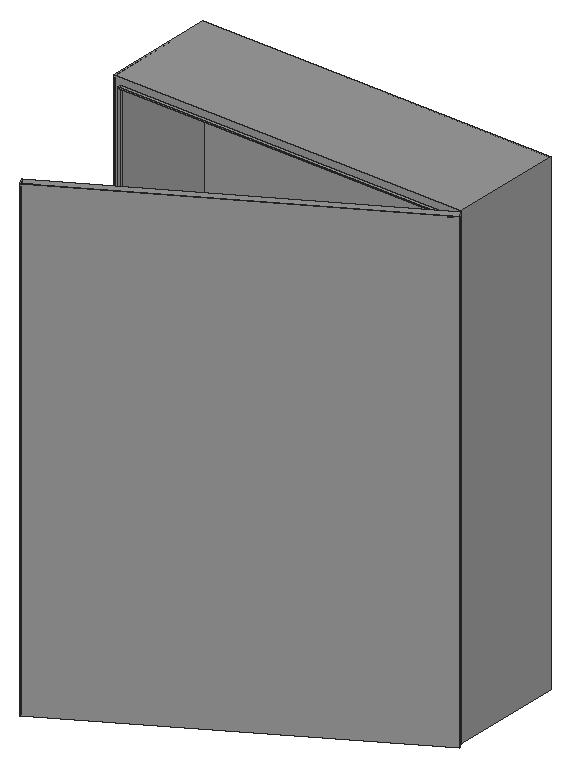
Revit family "Hager-Univers-IP55-D275-H1100-Cl.II-Steel_encl-NoHosted-PT-pt", category Electrical Equipment, Revit 2020
Family settings
  Panel Configuration = Two Columns, Circuits Across
  Round Connector Dimension = Use Diameter
  Part Type = Panelboard
  Work Plane-Based = Yes
  Always vertical = Yes
  Cut with Voids When Loaded = No
  Shared = No
  Room Calculation Point = No
Parameters (values of type "Montagem em superfície (gesso) IP55 L800 A1100 P275  - FR73S")
  Width Control [instance] = if([EF000008 - Largura] > Min Width, [EF000008 - Largura], Min Width)  # 800 mm
  Type Comments = [HG000003 - Gama]  # "Univers"
  Thickness Door [instance] = if([EF009171 - Espessura do material da porta/tampa] > 3 mm, 3 mm, [EF009171 - Espessura do material da porta/tampa])  # 1.5 mm
  Seal Frame Offset [instance] = 17 mm  # constant formula
  Plinth Visibility [instance] = [HG000027 - Altura da Plinta] > 0 mm  # no
  Min Width [instance] = 100 mm  # constant formula
  Min Depth [instance] = (2 * [EF009170 - Espessura do material do invólucro]) + 1 mm  # 4 mm
  Min Height [instance] = 100 mm  # constant formula
  Internal Frame Depth [instance] = (Door System Depth * 0.5)  # 9 mm
  Panel Name [instance] = ""  # (empty or 0)
  Model = ""
  HG000027 - Altura da Plinta = 0 mm
  HG000026 - Instalação no chão = no
  HG000024 - Altura da secção inferior = 600 mm
  HG000023 - Recinto de secção dupla = no
  HG000016 - Visibilidade da porta 3D [instance] = yes
  HG000015 - Visibilidade através da porta [instance] = no
  HG000014 - Porta à direita [instance] = yes
  HG000013 - Porta à esquerda [instance] = not([HG000014 - Porta à direita])  # no
  HG000012 - Ângulo de abertura de porta [instance] = 30.00°
  HG000010 - Portas assimétricas = no
  HG000009 - Porta dupla = no
  HG000006 - Encastrado = no
  HG000004 - Referência do Fabricante = "FR73S"
  HG000003 - Gama = "Univers"
  HG000002 - Com porta ou tampa = yes
  Frame Offset Bottom [instance] = 10 mm  # constant formula
  Frame Offset [instance] = 15 mm  # constant formula
  EF015940 - Tampa com libertação de sobrepressão = no
  EF011959 - Grau de proteção (NEMA) = ""
  EF009554 - Número de aberturas para placas de flange = 6
  EF009212 - Tipo de tampa = "EV000116 - Fechado"
  EF009171 - Espessura do material da porta/tampa = 1.5 mm
  EF009170 - Espessura do material do invólucro = 1.5 mm
  EF008873 - Corrente nominal (In) = 800 A
  EF007800 - Adequado para proteção contra raios = no
  EF006306 - Com fecho = no
  EF006244 - Tampa/porta transparente = no
  EF005474 - Grau de proteção (IP) = "EV006420 - IP55"
  EF004464 - Tipo de porta = "EV002646 - Único"
  EF004427 - Número de módulos = 252
  EF004293 - Força de impacto = "EV008784 - IK10"
  EF003532 - Adequado para uso no exterior = no
  EF002950 - Largura em número de módulos = 24
  EF001613 - Integridade do circuito = "EV000494 - Nenhum"
  EF001596 - Material do corpo = "EV000179 - Aço"
  EF001131 - Profundidade interior = 275 mm
  EF001088 - Extensão possível = yes
  EF000437 - Número de entradas de condutores = 6
  EF000339 - Tipo de difusor = "EV004216 - Porta"
  EF000266 - Número de linhas = 7
  EF000218 - Profundidade incorporada = 0 mm
  EF000118 - Com tampa de montagem = no
  EF000116 - Número RAL = "7035"
  EF000049 - Profundidade = 275 mm
  EF000040 - Altura = 1100 mm
  EF000008 - Largura = 800 mm
  EF000007 - Cor = "EV000270 - Cinzento"
  EF000003 - Método de montagem = "EV000384 - Montagem em superfície (gesso)"
  Door System Leaf Tolerance [instance] = 1.5 mm  # constant formula
  Door System Depth [instance] = 18 mm  # constant formula
  Door Height [instance] = Height Control - [HG000027 - Altura da Plinta]  # 1100 mm
  Description = ""
  Default Elevation = 1219.2 mm
  Connector Offset [instance] = Height Control / 2  # 550 mm
  Manufacturer = "Hager"  # constant formula
  Height Control [instance] = if([EF000040 - Altura] > Min Height, [EF000040 - Altura], Min Height)  # 1100 mm
  Depth Control [instance] = if([EF000049 - Profundidade] > Min Depth, [EF000049 - Profundidade], Min Depth)  # 275 mm
  Bottom Top Plate Trim [instance] = 1.5 mm  # constant formula
  Plinth height Ctrl [instance] = if([HG000027 - Altura da Plinta] > 0 mm, [HG000027 - Altura da Plinta], 12 mm)  # 12 mm
Types (5, lengths in mm): name | Width Control | HG000010 - Portas assimétricas | HG000009 - Porta dupla | HG000004 - Referência do Fabricante | EF009554 - Número de aberturas para placas de flange | EF004464 - Tipo de porta | EF004427 - Número de módulos | EF000437 - Número de entradas de condutores | EF000008 - Largura
  Montagem em superfície (gesso) IP55 L1050 A1100 P275  - FR74S | 1050 | no | yes | "FR74S" | 8 | "EV003602 - Duplo" | 336 | 8 | 1050
  Montagem em superfície (gesso) IP55 L1300 A1100 P275  - FR75S | 1300 | yes | yes | "FR75S" | 10 | "EV003602 - Duplo" | 420 | 10 | 1300
  Montagem em superfície (gesso) IP55 L300 A1100 P275  - FR71S | 300 | no | no | "FR71S" | 2 | "EV002646 - Único" | 84 | 2 | 300
  Montagem em superfície (gesso) IP55 L550 A1100 P275  - FR72S | 550 | no | no | "FR72S" | 4 | "EV002646 - Único" | 168 | 4 | 550
  Montagem em superfície (gesso) IP55 L800 A1100 P275  - FR73S | 800 | no | no | "FR73S" | 6 | "EV002646 - Único" | 252 | 6 | 800
Reference planes
  plane 1 "Center (Front/Back)": y = 0
  plane 2: z = 0
  plane 3 "Center (Left/Right)": x = 0
  plane 4: y = 0
  plane 5: y = 0
  plane 6: z = 0
  plane 7: x = -400
  plane 8: x = 400
  plane 9: x = 398.5
  plane 10: x = -398.5
  plane 11: z = 0
  plane 12: z = 1.5
  plane 13: y = -275
  plane 14: y = -1.5
  plane 15: x = 0
  plane 16: y = -257
  plane 17: y = -273.5
  plane 18: y = -255.5
  plane 19: x = -383.5
  plane 20: x = 383.5
  plane 21: z = 11.5
  plane 22: x = -383
  plane 23: x = 383
  plane 24: z = 0
  plane 25: z = 1100
  plane 26: z = 1100
  plane 27: z = 1083.5
  plane 28: z = 1098.5
Forms (mm)
  Extrusion 1, solid, material "Hager_Steel_RAL7035_Light_Grey", detail levels medium+fine
    sketch origin (-208.679, -4572, 0) x (-1, 0, 0) y (0, -1, 0)
      loop
        line (191.321, -4315) -> (-608.679, -4315) -> (-608.679, -4572) -> (191.321, -4572) -> (191.321, -4315)
    from 0 to 1100
  Extrusion 2, void
    sketch origin (-350.771, -275, 1219.2) x (1, 0, 0) y (0, 0, 1)
      loop
        line (-47.729, -120.7) -> (-47.729, -1217.7) -> (749.271, -1217.7) -> (749.271, -120.7) -> (-47.729, -120.7)
    from -19.5 to -273.5
  Extrusion 3, void
    sketch origin (-290.084, -257, 1219.2) x (1, 0, 0) y (0, 0, 1)
      loop
        line (-93.416, -1207.7) -> (673.584, -1207.7) -> (673.584, -135.7) -> (-93.416, -135.7) -> (-93.416, -1207.7)
    from 0 to -1.5
  Extrusion 4, solid, material "Hager_Steel_RAL7035_Light_Grey", visible <- "Plinth Visibility", detail levels medium+fine
    sketch origin (0, 0, 0) x (1, 0, 0) y (0, 1, 0)
      loop
        line (-400, 0) -> (-400, -257) -> (400, -257) -> (400, 0) -> (-400, 0)
    from 0 to 12 <- "Plinth height Ctrl"
  Extrusion 5, solid, material "Hager_Steel_RAL7035_Light_Grey", detail levels coarse
    sketch origin (0, 0, 0) x (1, 0, 0) y (0, 1, 0)
      loop
        line (-400, 0) -> (-400, -275) -> (400, -275) -> (400, 0) -> (-400, 0)
    from 0 to 1100 <- "Height Control"
  Sweep 6, void
    path in 3D
      loop
        line (-400, -257, 12) -> (400, -257, 12) -> (400, 0, 12) -> (-400, 0, 12) -> (-400, -257, 12)
    profile origin (-400, -128.5, 12) x (1, 0, 0) y (0, 0, 1)
      loop
        line (0, 0) -> (0, -1.5) -> (1.5, -1.5)
        arc (1.5, -1.5) -> (1.061, -0.439) -> (0, 0) r 1.5
  Extrusion 7, solid, material "Hager_Steel_RAL7035_Light_Grey", detail levels fine
    sketch origin (-400, -257, 0) x (1, 0, 0) y (0, 0, 1)
      loop
        line (16.5, 11.5) -> (783.5, 11.5) -> (783.5, 1083.5) -> (16.5, 1083.5) -> (16.5, 11.5)
      loop
        line (15, 10) -> (785, 10) -> (785, 1085) -> (15, 1085) -> (15, 10)
    from 0 to 9 <- "Internal Frame Depth"
Cuts and joins
  Extrusion 2, Extrusion 3 cuts Extrusion 1
  Sweep 6 cuts Extrusion 4
Lines and regions (mm)
  Masking region 1
    outline origin (0, 0, 0) x (1, 0, 0) y (0, 1, 0)
      loop
        line (-400, 0) -> (-400, -275) -> (400, -275) -> (400, 0) -> (-400, 0)
  Masking region 2, detail levels coarse
    outline origin (-290.084, -257, 1219.2) x (-1, 0, 0) y (0, 0, 1)
      loop
        line (-690.084, -1219.2) -> (109.916, -1219.2) -> (109.916, -119.2) -> (-690.084, -119.2) -> (-690.084, -1219.2)
  Masking region 3, detail levels coarse
    outline origin (0, 0, 0) x (0, 1, 0) y (0, 0, 1)
      loop
        line (0, 0) -> (0, 1100) -> (-275, 1100) -> (-275, 0) -> (0, 0)
  Masking region 4, visible <- "Plinth Visibility", detail levels medium+fine
    outline origin (0, 0, 0) x (0, 1, 0) y (0, 0, 1)
      loop
        line (-1.5, 12) -> (-255.5, 12)
        arc (-255.5, 12) -> (-255.939, 10.939) -> (-257, 10.5) r 1.5
        line (-257, 10.5) -> (-257, 0) -> (0, 0) -> (0, 10.5)
        arc (0, 10.5) -> (-1.061, 10.939) -> (-1.5, 12) r 1.5
  Masking region 5, detail levels medium+fine
    outline origin (0, 0, 594.038) x (0, 1, 0) y (0, 0, 1)
      loop
        line (0, -594.038) -> (0, 505.962) -> (-257, 505.962) -> (-257, -594.038) -> (0, -594.038)
  Masking region 6, detail levels medium+fine
    outline origin (-359.7, -257, 1211.883) x (-1, 0, 0) y (0, 0, 1)
      loop
        line (-759.7, -1211.883) -> (40.3, -1211.883) -> (40.3, -111.883) -> (-759.7, -111.883) -> (-759.7, -1211.883)
  Masking region 7, visible <- "Plinth Visibility", detail levels medium+fine
    outline origin (-320.334, -257, 1041.368) x (-1, 0, 0) y (0, 0, 1)
      loop
        line (-720.334, -1041.368) -> (79.666, -1041.368) -> (79.666, -1030.868)
        arc (79.666, -1030.868) -> (78.606, -1030.429) -> (78.166, -1029.368) r 1.5
        line (78.166, -1029.368) -> (-718.834, -1029.368)
        arc (-718.834, -1029.368) -> (-719.273, -1030.429) -> (-720.334, -1030.868) r 1.5
        line (-720.334, -1030.868) -> (-720.334, -1041.368)
  sketch lines
    curve 1: line (-400, 0, 12) -> (-400, -257, 12)
    curve 2: line (-400, -257, 12) -> (400, -257, 12)
    curve 3: line (400, 0, 12) -> (-400, 0, 12)
    curve 4: line (400, -257, 12) -> (400, 0, 12)
Dimensions and locks
  locked: plane 1 "Center (Front/Back)" to plane 5
  "EF009170 - Espessura do material do invólucro": plane 7 to plane 10
  "EF009170 - Espessura do material do invólucro": plane 8 to plane 9
  equal spacing: plane 7, plane 3 "Center (Left/Right)", plane 8
  "Width Control": plane 7 to plane 8
  "Depth Control": plane 4 to plane 13
  "EF009170 - Espessura do material do invólucro": plane 4 to plane 14
  "Height Control": plane 25 to level
  "HG000027 - Altura da Plinta": plane 11 to level
  "EF009170 - Espessura do material do invólucro": plane 12 to plane 11
  "EF009170 - Espessura do material do invólucro": plane 17 to plane 13
  "EF009170 - Espessura do material do invólucro": plane 18 to plane 16
  "Frame Offset Bottom": plane 21 to plane 12
  "Frame Offset": plane 10 to plane 19
  "Frame Offset": plane 9 to plane 20
  "Door System Depth": plane 16 to plane 13
  "Seal Frame Offset": plane 7 to plane 22
  "Seal Frame Offset": plane 8 to plane 23
  "EF009170 - Espessura do material do invólucro": plane 26 to plane 28
  "Frame Offset": plane 28 to plane 27
  "Connector Offset": plane 2 to connector elem
  "Bottom Top Plate Trim": profile plane to Sweep 6 sketch curve
  "Bottom Top Plate Trim": Sweep 6 sketch curve to Sweep 6 sketch curve
  "Plinth height Ctrl": Masking region 4 sketch curve to level
  "Plinth height Ctrl": Masking region 7 sketch curve to level
  "Thickness Door": Extrusion 7 sketch curve to Extrusion 7 sketch curve  (x4)
  "Bottom Top Plate Trim": radius of Sweep 6 sketch curve
  "Bottom Top Plate Trim": radius of Masking region 4 sketch curve  (x2)
  "Bottom Top Plate Trim": radius of Masking region 7 sketch curve  (x2)
  aligned and locked: Extrusion 2 sketch curve to plane 12
  aligned and locked: Extrusion 2 sketch curve to plane 9
  aligned and locked: Extrusion 2 sketch curve to plane 10
  aligned and locked: Extrusion 2 to plane 14
  aligned and locked: Extrusion 1 sketch curve to plane 4
  aligned and locked: plane 8 to Extrusion 1 sketch curve
  aligned and locked: plane 7 to Extrusion 1 sketch curve
  aligned and locked: Extrusion 2 to plane 18
  aligned and locked: Extrusion 3 sketch curve to plane 19
  aligned and locked: plane 20 to Extrusion 3 sketch curve
  aligned and locked: Extrusion 3 to Extrusion 2
  aligned and locked: Extrusion 3 sketch curve to plane 21
  aligned and locked: plane 3 "Center (Left/Right)" to nested 1
  aligned and locked: Extrusion 1 sketch curve to plane 16
  aligned and locked: Extrusion 4 sketch curve to cut or joined group of Extrusion 1, Extrusion 2, Extrusion 3
  aligned and locked: Masking region 1 sketch curve to plane 7
  aligned and locked: Masking region 1 sketch curve to plane 5
  aligned and locked: Masking region 1 sketch curve to plane 8
  aligned and locked: Masking region 2 sketch curve to level
  aligned and locked: level to Masking region 3 sketch curve
  aligned and locked: plane 1 "Center (Front/Back)" to Masking region 3 sketch curve
  aligned and locked: plane 13 to Masking region 3 sketch curve
  aligned and locked: plane 5 to Masking region 4 sketch curve
  aligned and locked: Masking region 2 sketch curve to plane 8
  aligned and locked: Masking region 2 sketch curve to plane 7
  aligned and locked: plane 7 to nested 2
  aligned and locked: nested 2 to plane 5
  aligned and locked: plane 5 to Masking region 5 sketch curve
  aligned and locked: plane 26 to Masking region 5 sketch curve
  aligned and locked: Extrusion 5 sketch curve to plane 8
  aligned and locked: Extrusion 5 sketch curve to plane 7
  aligned and locked: Extrusion 5 sketch curve to plane 5
  aligned and locked: Extrusion 3 sketch curve to plane 27
  aligned and locked: Extrusion 2 sketch curve to plane 28
  aligned and locked: Masking region 2 to plane 25
  aligned and locked: Extrusion 4 to plane 16
  aligned and locked: profile plane to Sweep 6 sketch curve
  aligned and locked: Masking region 5 sketch curve to plane 24
  aligned and locked: level to Masking region 4 sketch curve
  aligned and locked: Masking region 1 to plane 13
  aligned and locked: nested 1 to plane 16
  aligned and locked: Masking region 3 to plane 25
  aligned and locked: plane 16 to Masking region 4 sketch curve
  aligned and locked: Masking region 5 sketch curve to plane 16
  aligned and locked: plane 24 to plane 11
  aligned and locked: plane 26 to plane 25
  aligned and locked: plane 26 to cut or joined group of Extrusion 1, Extrusion 2, Extrusion 3
  aligned and locked: nested 1 to plane 24
  aligned and locked: Extrusion 1 to Extrusion 3
  aligned and locked: Masking region 6 sketch curve to plane 8
  aligned and locked: Masking region 6 sketch curve to plane 24
  aligned and locked: Masking region 6 sketch curve to plane 7
  aligned and locked: Masking region 6 sketch curve to plane 26
  aligned and locked: Masking region 7 sketch curve to plane 7
  aligned and locked: level to Masking region 7 sketch curve
  aligned and locked: Masking region 7 sketch curve to plane 8
  aligned and locked: Extrusion 7 sketch curve to cut or joined group of Extrusion 1, Extrusion 2, Extrusion 3  (x4)
Automatic sketch dimensions
  plane 19 to Extrusion 3 sketch curve = 0 mm
  Extrusion 3 sketch curve to plane 20 = 0 mm
  Extrusion 3 sketch curve to plane 21 = 0 mm
  Extrusion 4 sketch curve to plane 7 = 0 mm
  Extrusion 4 sketch curve to plane 8 = 0 mm
  Extrusion 4 sketch curve to plane 16 = 0 mm
  Masking region 1 sketch curve to plane 13 = 0 mm
  Masking region 2 sketch curve to plane 25 = 0 mm
  Masking region 3 sketch curve to plane 25 = 0 mm
  Extrusion 5 sketch curve to plane 13 = 0 mm
  profile plane to Sweep 6 sketch curve = 0 mm
Nested families
  nested 1: "EC000058_Univers_Door" at (0, -257, 0), Double <- "HG000009 - Porta dupla", Transparent <- "EF006244 - Tampa/porta transparente", Angle <- "HG000012 - Ângulo de abertura de porta", Door_Right <- "HG000014 - Porta à direita", Assymetrical <- "HG000010 - Portas assimétricas", Door <- "HG000002 - Com porta ou tampa", Width_Ctrl <- "Width Control", 3d_Door <- "HG000016 - Visibilidade da porta 3D", Clearance <- "HG000015 - Visibilidade através da porta", Door_Left <- "HG000013 - Porta à esquerda", Width <- "Width Control", Door_Depth <- "Door System Depth", Leaf_Tolerance <- "Door System Leaf Tolerance", Height <- "Door Height", Lock_Visibility <- "EF006306 - Com fecho", Thickness <- "Thickness Door", type "EC000058_Univers_Door", detail levels medium+fine
    with min_wh 4 mm, Width_Ctrl 800 mm, Width 800 mm, Transparent no, Thickness 1.5 mm, Seal_Material Hager_Rubber, Lock_Visibility no, Lock_Material Hager_Plastic_RAL9005_Jet_Black, Leaf_Width 800 mm, Leaf_Tolerance_External_Sides 0 mm, Leaf_Tolerance 1.5 mm, Leaf_Offset 0 mm, Leaf_Height 1097 mm, Leaf_2_Width 800 mm, Leaf_2_Offset 400 mm, Leaf_1_Width 800 mm, Leaf_1_Offset 400 mm, Height_Ctrl 1100 mm, Height 1100 mm, Glass_Material Hager_Glass, Double_Clearance_Ctrl no, Double no, Door_Right_Ctrl yes, Door_Right yes, Door_Material Hager_Steel_RAL7035_Light_Grey, Door_Left_Ctrl no, Door_Left no, Door_Depth 18 mm, Door yes, Clearance_Material Hager_Clearance, Clearance_Depth 800 mm, Clearance_Ctrl no, Clearance no, Assymetrical no, Angle 30.00°, 3d_Door yes
  nested 2: "Hager_Enclosure_Symbol" at (-400, 0, 0), Height <- "Depth Control", Width <- "Width Control", type "Hager_Enclosure_Symbol"
    with Width_Ctrl 800 mm, Width 800 mm, Height_Ctrl 275 mm, Height 275 mm, A_Width_Int 18.047 mm, A_Width 216.562 mm, A_Height_Ctrl 240.625 mm, A_Height 240.625 mm
Connectors
  electrical at (0, 0, 550)
    settings: on plane 1 "Center (Front/Back)", index 1, voltage 0 V, apparent load 0 VA, apparent load phase1 0 VA, apparent load phase2 0 VA, apparent load phase3 0 VA, power factor 1, load classification "Other", number of poles 1, system type 30, power factor state 1, is connector primary yes, connector utility no, sub classification motor no, connector description ""
Definition of nested family "EC000058_Univers_Door"
  Parameters (values of type "EC000058_Univers_Door")
    min_wh [instance] = (2 * Thickness) + 1 mm  # 11 mm
    Width_Ctrl [instance] = 400 mm
    Width [instance] = 500 mm
    Transparent [instance] = yes
    Thickness [instance] = 5 mm
    Seal_Material [instance] = none
    Lock_Visibility [instance] = yes
    Lock_Material [instance] = none
    Leaf_Width [instance] = if((Width_Ctrl - 2 * Leaf_Tolerance_External_Sides) > 0 mm, (Width_Ctrl - 2 * Leaf_Tolerance_External_Sides), min_wh)  # 400 mm
    Leaf_Tolerance_External_Sides [instance] = 0 mm  # constant formula
    Leaf_Tolerance [instance] = 1.5 mm
    Leaf_Offset [instance] = 0 mm  # constant formula
    Leaf_Height [instance] = if((Height_Ctrl - 2 * Leaf_Tolerance) > 0 mm, (Height_Ctrl - 2 * Leaf_Tolerance), min_wh)  # 497 mm
    Leaf_2_Width [instance] = if(and(and(Double, Assymetrical), Door_Left), (Leaf_Width / 3) - (Leaf_Tolerance / 2), if(and(and(Double, Assymetrical), Door_Right), (Leaf_Width / 3) * 2 - (Leaf_Tolerance / 2), if(and(Double, not(Assymetrical)), (Leaf_Width / 2) - Leaf_Tolerance, Leaf_Width)))  # 400 mm
    Leaf_2_Offset [instance] = if(and(Double, Assymetrical), Leaf_2_Width / 2, if(and(Double, not(Assymetrical)), Leaf_Width / 4, Leaf_Width / 2))  # 200 mm
    Leaf_1_Width [instance] = if(and(and(Double, Assymetrical), Door_Right), (Leaf_Width / 3) - (Leaf_Tolerance / 2), if(and(and(Double, Assymetrical), Door_Left), (Width / 3) * 2 - (Leaf_Tolerance / 2), if(and(Double, not(Assymetrical)), (Leaf_Width / 2) - Leaf_Tolerance, Leaf_Width)))  # 400 mm
    Leaf_1_Offset [instance] = if(and(Double, Assymetrical), Leaf_1_Width / 2, if(and(Double, not(Assymetrical)), Leaf_Width / 4, Leaf_Width / 2))  # 200 mm
    Height_Ctrl [instance] = if(Height > min_wh, Height, min_wh)  # 500 mm
    Height [instance] = 500 mm
    Glass_Material [instance] = none
    Double_Clearance_Ctrl [instance] = and(Double, Clearance)  # no
    Double [instance] = no
    Door_Right_Ctrl [instance] = and(or(Door_Right, Double), Door)  # yes
    Door_Right [instance] = yes
    Door_Material [instance] = none
    Door_Left_Ctrl [instance] = and(or(Door_Left, Double), Door)  # no
    Door_Left [instance] = no
    Door_Depth [instance] = 30 mm
    Door [instance] = yes
    Default Elevation = 1219.2 mm
    Clearance_Material [instance] = none
    Clearance_Depth [instance] = if(Leaf_1_Width > Leaf_2_Width, Leaf_1_Width, Leaf_2_Width)  # 400 mm
    Clearance_Ctrl [instance] = and(not(Double), Clearance)  # yes
    Clearance [instance] = yes
    Assymetrical [instance] = yes
    Angle [instance] = 30.00°
    3d_Door [instance] = yes
  Reference planes
    plane 1 "Center (Front/Back)": y = 0
    plane 2 "Bottom": z = 0
    plane 3 "Center (Left/Right)": x = 0
    plane 4: z = 500
    plane 5: x = -200
    plane 6: x = 200
    plane 7: z = 500
    plane 8: x = -200
    plane 9: z = 0
    plane 10: x = 200
    plane 11: y = 0
    plane 12: z = 1.5
    plane 13: x = -600
    plane 14: y = -400
    plane 15: x = 600
    plane 16: x = 0
    plane 17: x = 0
    plane 18: x = -200
    plane 19: x = 200
    plane 20: z = 498.5
  Forms (mm)
    Extrusion 1, solid, material <- "Clearance_Material", visible <- "Double_Clearance_Ctrl"
      sketch origin (1200, 0, 0) x (1, 0, 0) y (0, 0, -1)
        loop
          line (-1800, -498.5) -> (-600, -498.5) -> (-600, 0) -> (-1800, 0) -> (-1800, -498.5)
      from 0 to -400
  Dimensions and locks
    equal spacing: plane 5, plane 3 "Center (Left/Right)", plane 6
    "Width_Ctrl": plane 5 to plane 6
    "Leaf_Offset": plane 5 to plane 8
    "Leaf_Offset": plane 6 to plane 10
    "Leaf_Offset": plane 9 to level
    "Leaf_Offset": plane 4 to plane 7
    "Height_Ctrl": plane 4 to level
    "Leaf_Tolerance": plane 12 to plane 9
    locked: plane 11 to plane 1 "Center (Front/Back)"
    "Leaf_1_Offset": plane 18 to plane 16
    "Leaf_2_Offset": plane 17 to plane 19
    "Leaf_1_Width": plane 13 to plane 8
    "Leaf_2_Width": plane 10 to plane 15
    "Clearance_Depth": plane 14 to plane 1 "Center (Front/Back)"
    "Leaf_Tolerance_External_Sides": plane 8 to plane 18
    "Leaf_Tolerance_External_Sides": plane 19 to plane 10
    "Leaf_Tolerance": plane 7 to plane 20
    aligned and locked: level to plane 2 "Bottom"
    aligned and locked: nested 1 to plane 16
    aligned and locked: nested 2 to plane 17
    aligned and locked: Extrusion 1 to plane 13
    aligned and locked: plane 15 to Extrusion 1
    aligned and locked: Extrusion 1 to plane 14
    aligned and locked: plane 12 to nested 1
    aligned and locked: nested 2 to plane 12
    aligned and locked: Extrusion 1 to plane 11
    aligned and locked: plane 20 to Extrusion 1
    aligned and locked: nested 2 to plane 11
    aligned and locked: nested 1 to plane 11
  Automatic sketch dimensions
    Extrusion 1 sketch curve to level = 0 mm
    plane 5 to Extrusion 1 sketch curve = 400 mm
    plane 6 to Extrusion 1 sketch curve = 400 mm
    Extrusion 1 sketch curve to plane 4 = 1.5 mm
  Nested families
    nested 1: "EC000058_Univers_Door_Leaf" at (0, 0, 1.5), Width <- "Leaf_1_Width", visible <- "Door_Left_Ctrl", Leaf_Height <- "Leaf_Height", Angle <- "Angle", 3d_Door <- "3d_Door", Transparent <- "Transparent", Clearance Material <- "Clearance_Material", Clearance <- "Clearance_Ctrl", Door_Material <- "Door_Material", Glass_Material <- "Glass_Material", Door_Depth <- "Door_Depth", Lock_Material <- "Lock_Material", Seal_Material <- "Seal_Material", Lock_Visibility <- "Lock_Visibility", Thickness <- "Thickness", type "EC000058_Univers_Door_Leaf"
      with Width 400 mm, Transparent_Glass_Offset 30 mm, Transparent_Ctrl yes, Transparent yes, Thickness 5 mm, Standard no, Seal_Material none, Seal_D2 8 mm, Seal_D1 1 mm, Offset_Internal_Frame 10 mm, Lock_Width 20 mm, Lock_Visibility_3d yes, Lock_Visibility yes, Lock_Thickness_3 3 mm, Lock_Thickness_2 1 mm, Lock_Thickness_1 3 mm, Lock_Radius_Offset_2 16 mm, Lock_Radius_Offset_1 15 mm, Lock_Radius_2 5 mm, Lock_Radius 6 mm, Lock_Offset 5 mm, Lock_Material none, Lock_Height 80 mm, Lock_Cover_Top_Offset_2d 17 mm, Lock_Cover_Height -65 mm, Leaf_Height 497 mm, Internal_Seal_Thickness 8 mm, Internal_Seal_Depth_2 4.5 mm, Internal_Frame_Depth 25 mm, Glass_Thickness -1 mm, Glass_Offset -2 mm, Glass_Material none, Door_Material none, Door_Depth 30 mm, Clearance Material none, Clearance yes, Angle_Ctrl 30.00°, Angle 30.00°, 3d_Door yes
    nested 2: "EC000058_Univers_Door_Leaf" at (0, 0, 1.5) x (-1, 0, 0) z (0, 0, 1), Width <- "Leaf_2_Width", visible <- "Door_Right_Ctrl", Leaf_Height <- "Leaf_Height", Angle <- "Angle", 3d_Door <- "3d_Door", Transparent <- "Transparent", Clearance Material <- "Clearance_Material", Clearance <- "Clearance_Ctrl", Door_Material <- "Door_Material", Glass_Material <- "Glass_Material", Door_Depth <- "Door_Depth", Lock_Material <- "Lock_Material", Seal_Material <- "Seal_Material", Lock_Visibility <- "Lock_Visibility", Thickness <- "Thickness", type "EC000058_Univers_Door_Leaf"
      with Width 400 mm, Transparent_Glass_Offset 30 mm, Transparent_Ctrl yes, Transparent yes, Thickness 5 mm, Standard no, Seal_Material none, Seal_D2 8 mm, Seal_D1 1 mm, Offset_Internal_Frame 10 mm, Lock_Width 20 mm, Lock_Visibility_3d yes, Lock_Visibility yes, Lock_Thickness_3 3 mm, Lock_Thickness_2 1 mm, Lock_Thickness_1 3 mm, Lock_Radius_Offset_2 16 mm, Lock_Radius_Offset_1 15 mm, Lock_Radius_2 5 mm, Lock_Radius 6 mm, Lock_Offset 5 mm, Lock_Material none, Lock_Height 80 mm, Lock_Cover_Top_Offset_2d 17 mm, Lock_Cover_Height -65 mm, Leaf_Height 497 mm, Internal_Seal_Thickness 8 mm, Internal_Seal_Depth_2 4.5 mm, Internal_Frame_Depth 25 mm, Glass_Thickness -1 mm, Glass_Offset -2 mm, Glass_Material none, Door_Material none, Door_Depth 30 mm, Clearance Material none, Clearance yes, Angle_Ctrl 30.00°, Angle 30.00°, 3d_Door yes
  Definition of nested family "EC000058_Univers_Door_Leaf"
    Parameters (values of type "EC000058_Univers_Door_Leaf")
      Width [instance] = 2000 mm
      Transparent_Glass_Offset [instance] = 30 mm
      Transparent_Ctrl [instance] = and(Transparent, [3d_Door])  # yes
      Transparent [instance] = yes
      Thickness [instance] = 5 mm
      Standard [instance] = and(not(Transparent), [3d_Door])  # no
      Seal_Material [instance] = none
      Seal_D2 [instance] = 8 mm  # constant formula
      Seal_D1 [instance] = 1 mm  # constant formula
      Offset_Internal_Frame [instance] = 10 mm  # constant formula
      Lock_Width [instance] = 20 mm  # constant formula
      Lock_Visibility_3d [instance] = and(Lock_Visibility, [3d_Door])  # yes
      Lock_Visibility [instance] = yes
      Lock_Thickness_3 [instance] = 3 mm  # constant formula
      Lock_Thickness_2 [instance] = 1 mm  # constant formula
      Lock_Thickness_1 [instance] = 3 mm  # constant formula
      Lock_Radius_Offset_2 [instance] = Lock_Radius_Offset_1 + 1 mm  # 16 mm
      Lock_Radius_Offset_1 [instance] = 15 mm  # constant formula
      Lock_Radius_2 [instance] = Lock_Radius - 1 mm  # 5 mm
      Lock_Radius [instance] = 6 mm  # constant formula
      Lock_Offset [instance] = 5 mm  # constant formula
      Lock_Material [instance] = none
      Lock_Height [instance] = 80 mm  # constant formula
      Lock_Cover_Top_Offset_2d [instance] = Lock_Radius_Offset_2 + 1 mm  # 17 mm
      Lock_Cover_Height [instance] = -(Lock_Height - Lock_Radius_Offset_1)  # -65 mm
      Leaf_Height [instance] = 2720.336 mm
      Internal_Seal_Thickness [instance] = 8 mm  # constant formula
      Internal_Seal_Depth_2 [instance] = 4.5 mm  # constant formula
      Internal_Frame_Depth [instance] = if(Door_Depth - Thickness > 5 mm, Door_Depth - Thickness, 5 mm)  # 25 mm
      Glass_Thickness [instance] = if(Thickness > 15 mm, Glass_Offset + 10 mm, -1 mm)  # -1 mm
      Glass_Offset [instance] = if(Thickness > 15 mm, -(Thickness + 10 mm) / 2, -2 mm)  # -2 mm
      Glass_Material [instance] = none
      Door_Material [instance] = none
      Door_Depth [instance] = 30 mm
      Default Elevation = 0 mm
      Clearance Material [instance] = none
      Clearance [instance] = yes
      Angle_Ctrl [instance] = if(Angle > 180.00°, 180.00°, Angle)  # 90.00°
      Angle [instance] = 90.00°
      3d_Door [instance] = yes
    Reference planes
      plane 1 "Center (Front/Back)": y = 0
      plane 2: z = 0
      plane 3 "Center (Left/Right)": x = 0
      plane 4: y = 2000
      plane 5: x = -1000
      plane 6: x = 1000
      plane 7: x = -3000
      plane 8: z = 2720.336
      plane 9: z = 30
      plane 10: z = 2690.336
      plane 11: x = 970
      plane 12: x = -970
      plane 13: y = -3
      plane 14: z = 107.833
      plane 15: y = -5
      plane 16: y = -223.314
      plane 17: x = -1000
      plane 18: z = 1360.168
      plane 19: y = 30
    Forms (mm)
      Extrusion 1, solid, material <- "Clearance Material", visible <- "Clearance"
        sketch origin (0, 0, 0) x (1, 0, 0) y (0, 0, 1)
          loop
            line (-3000, 2720.336) -> (-3000, 0) -> (1000, 0) -> (1000, 2720.336) -> (-3000, 2720.336)
        from 0 to -2000
      Extrusion 2, solid, material <- "Door_Material", visible <- "Standard", detail levels medium+fine
        sketch origin (-1000, 0, 0) x (0, 1, 0) y (-1, 0, 0)
          loop
            line (0, 30) -> (0, 25) -> (2000, 25) -> (2000, 30) -> (0, 30)
        from 0 to 2720.336 <- "Leaf_Height"
      Extrusion 3, solid, material <- "Door_Material", visible <- "Transparent_Ctrl", detail levels medium+fine
        sketch origin (-1000, 0, 0) x (0, 1, 0) y (-1, 0, 0)
          loop
            line (0, 25) -> (2000, 25) -> (2000, 30) -> (0, 30) -> (0, 25)
        from 0 to 2720.336 <- "Leaf_Height"
      Extrusion 4, void
        sketch origin (-1025, 2000, 0) x (0, 1, 0) y (0, 0, -1)
          loop
            line (-30, -2690.336) -> (-30, -30) -> (-1970, -30) -> (-1970, -2690.336) -> (-30, -2690.336)
        from 0 to 5 <- "Thickness"
      Sweep 5, solid, material <- "Seal_Material", visible <- "Transparent_Ctrl", detail levels fine
        path in 3D
          loop
            line (-1025, 30, 30) -> (-1025, 30, 2690.336) -> (-1025, 1970, 2690.336) -> (-1025, 1970, 30) -> (-1025, 30, 30)
        profile origin (-1025, 1000, 30) x (1, 0, 0) y (0, 0, 1)
          loop
            line (0, 0) -> (0, -8) -> (1, -8) -> (1, 0) -> (0, 0)
      Extrusion 6, solid, material <- "Glass_Material", visible <- "Transparent_Ctrl", detail levels medium+fine
        sketch origin (-1030, 0, 0) x (0, 1, 0) y (0, 0, -1)
          loop
            line (1970, -2690.336) -> (1970, -30) -> (30, -30) -> (30, -2690.336) -> (1970, -2690.336)
        from -2 <- "Glass_Offset" to -1 <- "Glass_Thickness"
      Extrusion 7, solid, material <- "Door_Material", visible <- "3d_Door", detail levels medium+fine
        sketch origin (-1025, 2000, 0) x (0, -1, 0) y (0, 0, -1)
          loop
            line (0, -2720.336) -> (2000, -2720.336) -> (2000, 0) -> (0, 0) -> (0, -2720.336)
          loop
            line (1995, -5) -> (5, -5) -> (5, -2715.336) -> (1995, -2715.336) -> (1995, -5)
        from 0 to 25 <- "Internal_Frame_Depth"
      Sweep 8, solid, material <- "Seal_Material", visible <- "Transparent_Ctrl", detail levels fine
        path in 3D
          loop
            line (-1025, 0, 0) -> (-1025, 2000, 0) -> (-1025, 2000, 2720.336) -> (-1025, 0, 2720.336) -> (-1025, 0, 0)
        profile origin (-1025, 0, 1360.168) x (1, 0, 0) y (0, 1, 0)
          loop
            line (0, 10) -> (2.975, 10)
            arc (2.975, 10) -> (4.053, 10.447) -> (4.5, 11.525) r 1.525
            line (4.5, 11.525) -> (4.5, 16.527)
            arc (4.5, 16.527) -> (4.069, 17.569) -> (3.027, 18) r 1.473
            line (3.027, 18) -> (0, 18) -> (0, 10)
      Extrusion 9, solid, material <- "Lock_Material", visible <- "Lock_Visibility_3d", detail levels fine
        sketch origin (-1030, 0, 0) x (0, 1, 0) y (0, 0, -1)
          loop
            arc (1993.5, -1400.168) -> (1994.561, -1399.729) -> (1995, -1398.668) r 1.5
            line (1995, -1398.668) -> (1995, -1320.168) -> (1975, -1320.168) -> (1975, -1398.668)
            arc (1975, -1398.668) -> (1975.439, -1399.729) -> (1976.5, -1400.168) r 1.5
            line (1976.5, -1400.168) -> (1993.5, -1400.168)
        from 3 <- "Lock_Thickness_1" to 0
      Blend 10, solid, material <- "Lock_Material", visible <- "Lock_Visibility_3d", detail levels fine
        base sketch origin (-1033, 0, 0) x (0, 1, 0) y (0, 0, -1)
          loop
            line (1975, -1320.168) -> (1975, -1398.668)
            arc (1975, -1398.668) -> (1975.439, -1399.729) -> (1976.5, -1400.168) r 1.5
            line (1976.5, -1400.168) -> (1993.5, -1400.168)
            arc (1993.5, -1400.168) -> (1994.561, -1399.729) -> (1995, -1398.668) r 1.5
            line (1995, -1398.668) -> (1995, -1320.168) -> (1975, -1320.168)
        top sketch origin (-1033, 0, 0) x (0, 1, 0) y (0, 0, -1)
          loop
            line (1976, -1320.168) -> (1976, -1398.668)
            arc (1976, -1398.668) -> (1976.146, -1399.022) -> (1976.5, -1399.168) r 0.5
            line (1976.5, -1399.168) -> (1993.5, -1399.168)
            arc (1993.5, -1399.168) -> (1993.854, -1399.022) -> (1994, -1398.668) r 0.5
            line (1994, -1398.668) -> (1994, -1320.168) -> (1976, -1320.168)
        from 0 to 1 <- "Lock_Thickness_2"
      Blend 11, solid, material <- "Lock_Material", visible <- "Lock_Visibility_3d", detail levels fine
        base sketch origin (-1034, 0, 0) x (0, 1, 0) y (0, 0, -1)
          loop
            line (1978, -1320.168) -> (1978, -1384.168)
            arc (1978, -1384.168) -> (1985, -1391.168) -> (1992, -1384.168) r 7
            line (1992, -1384.168) -> (1992, -1320.168) -> (1978, -1320.168)
        top sketch origin (-1034, 0, 0) x (0, 1, 0) y (0, 0, -1)
          loop
            line (1991, -1320.168) -> (1979, -1320.168) -> (1979, -1383.168)
            arc (1979, -1383.168) -> (1985, -1389.168) -> (1991, -1383.168) r 6
            line (1991, -1383.168) -> (1991, -1320.168)
        from 0 to 3 <- "Lock_Thickness_3"
      Extrusion 12, solid, material <- "Lock_Material", visible <- "Lock_Visibility_3d", detail levels fine
        sketch origin (-1030, 1975, 1320.168) x (1, 0, 0) y (0, -1, 0)
          loop
            line (-7, -19) -> (-7, -1) -> (0, -1) -> (0, 0) -> (-8, 0) -> (-8, -20) -> (0, -20) -> (0, -19) -> (-7, -19)
        from 0 to -65 <- "Lock_Cover_Height"
      Extrusion 13, void
        sketch origin (-1038, 1995, 1320.168) x (-1, 0, 0) y (0, 0, -1)
          loop
            line (-5, -65) -> (0, -65) -> (-5, -60) -> (-5, -65)
        from 0 to 20 <- "Lock_Width"
      Extrusion 14, void
        sketch origin (-1038, 1975, 1320.168) x (0, -1, 0) y (0, 0, -1)
          loop
            circle (-10, -15.995) r 6
          loop
            circle (-10, -15.995) r 5
        from 0 to 2
      Extrusion 15, solid, material <- "Lock_Material", visible <- "Lock_Visibility_3d", detail levels medium
        sketch origin (-1030, 0, 0) x (0, 1, 0) y (0, 0, -1)
          loop
            arc (1993.5, -1400.168) -> (1994.561, -1399.729) -> (1995, -1398.668) r 1.5
            line (1995, -1398.668) -> (1995, -1320.168) -> (1975, -1320.168) -> (1975, -1398.668)
            arc (1975, -1398.668) -> (1975.439, -1399.729) -> (1976.5, -1400.168) r 1.5
            line (1976.5, -1400.168) -> (1993.5, -1400.168)
        from 8 to 0
    Cuts and joins
      Extrusion 4 cuts Extrusion 3
      Extrusion 13, Extrusion 14 cuts Extrusion 9
      Extrusion 14 cuts Blend 11
      Extrusion 13, Extrusion 14 cuts Extrusion 12
      joined: Extrusion 9, Blend 10, Blend 11, Extrusion 12
      Extrusion 14 cuts Extrusion 15
    Lines and regions (mm)
      Masking region 1, visible <- "Lock_Visibility", detail levels fine
        outline origin (0, 0, 0) x (0, 1, 0) y (0, 0, 1)
          loop
            line (30, 1320.168) -> (33, 1320.168) -> (33, 1400.168) -> (30, 1400.168) -> (30, 1320.168)
      Masking region 2, visible <- "Lock_Visibility", detail levels fine
        outline origin (0, 3.143, 0) x (0, 1, 0) y (0, 0, 1)
          loop
            line (29.857, 1354.168) -> (30.857, 1354.168) -> (30.857, 1366.168) -> (29.857, 1366.168) -> (29.857, 1354.168)
      Masking region 3, detail levels medium+fine
        outline origin (0, 0, 0) x (0, 1, 0) y (0, 0, 1)
          loop
            line (0, 0) -> (30, 0) -> (30, 2720.336) -> (0, 2720.336) -> (0, 0)
      Masking region 4, detail levels medium+fine
        outline origin (0, 0, 0) x (1, 0, 0) y (0, 0, 1)
          loop
            line (-1000, 2720.336) -> (-1000, 0) -> (1000, 0) -> (1000, 2720.336) -> (-1000, 2720.336)
      Masking region 5, visible <- "Lock_Visibility", detail levels fine
        outline origin (-47.116, 0, 0) x (1, 0, 0) y (0, 0, 1)
          loop
            arc (1024.616, 1399.168) -> (1023.556, 1398.729) -> (1023.116, 1397.668) r 1.5
            line (1023.116, 1397.668) -> (1023.116, 1320.168) -> (1041.116, 1320.168) -> (1041.116, 1397.668)
            arc (1041.116, 1397.668) -> (1040.677, 1398.729) -> (1039.616, 1399.168) r 1.5
            line (1039.616, 1399.168) -> (1024.616, 1399.168)
      Masking region 6, visible <- "Lock_Visibility", detail levels medium+fine
        outline origin (-25, 0, 0) x (1, 0, 0) y (0, 0, 1)
          loop
            arc (1001.5, 1400.168) -> (1000.439, 1399.729) -> (1000, 1398.668) r 1.5
            line (1000, 1398.668) -> (1000, 1320.168) -> (1020, 1320.168) -> (1020, 1398.668)
            arc (1020, 1398.668) -> (1019.561, 1399.729) -> (1018.5, 1400.168) r 1.5
            line (1018.5, 1400.168) -> (1001.5, 1400.168)
      Masking region 7, visible <- "Lock_Visibility", detail levels fine
        outline origin (-73.735, 0, 0) x (1, 0, 0) y (0, 0, 1)
          loop
            line (1051.735, 1382.168) -> (1065.735, 1382.168) -> (1065.735, 1384.168)
            arc (1065.735, 1384.168) -> (1058.735, 1391.168) -> (1051.735, 1384.168) r 7
            line (1051.735, 1384.168) -> (1051.735, 1382.168)
      Masking region 8, visible <- "Lock_Visibility", detail levels fine
        outline origin (-73.735, 0, 0) x (1, 0, 0) y (0, 0, 1)
          loop
            line (1052.735, 1382.168) -> (1064.735, 1382.168) -> (1064.735, 1383.168)
            arc (1064.735, 1383.168) -> (1058.735, 1389.168) -> (1052.735, 1383.168) r 6
            line (1052.735, 1383.168) -> (1052.735, 1382.168)
      Masking region 9, visible <- "Lock_Visibility", detail levels fine
        outline origin (-25, 0, 0) x (1, 0, 0) y (0, 0, 1)
          loop
            line (1020, 1320.168) -> (1020, 1382.168) -> (1000, 1382.168) -> (1000, 1320.168) -> (1020, 1320.168)
      Masking region 10, detail levels medium+fine
        outline origin (0, 0, 0) x (1, 0, 0) y (0, 0, 1)
          loop
            circle (985, 1335.144) r 6
      Masking region 11, detail levels fine
        outline origin (0, 0, 0) x (1, 0, 0) y (0, 0, 1)
          loop
            circle (985, 1335.144) r 5
      Masking region 12, visible <- "Lock_Visibility", detail levels fine
        outline origin (0, 12.767, 0) x (0, 1, 0) y (0, 0, 1)
          loop
            line (20.233, 1320.168) -> (21.233, 1320.168) -> (21.233, 1399.168) -> (20.233, 1400.168) -> (20.233, 1320.168)
      Masking region 13, visible <- "Lock_Visibility", detail levels fine
        outline origin (0, 13.767, -10) x (0, 1, 0) y (0, 0, 1)
          loop
            line (20.233, 1330.168) -> (23.233, 1330.168) -> (23.233, 1399.168) -> (20.233, 1402.168) -> (20.233, 1330.168)
      Masking region 14, visible <- "Lock_Visibility", detail levels fine
        outline origin (0, 12.767, -10) x (0, 1, 0) y (0, 0, 1)
          loop
            line (20.233, 1330.168) -> (25.233, 1330.168) -> (25.233, 1399.305) -> (20.233, 1394.305) -> (20.233, 1330.168)
      Masking region 15, visible <- "Lock_Visibility", detail levels medium
        outline origin (0, 0, 0) x (0, 1, 0) y (0, 0, 1)
          loop
            line (30, 1320.168) -> (38, 1320.168) -> (38, 1400.168) -> (30, 1400.168) -> (30, 1320.168)
      Masking region 16, visible <- "Lock_Visibility", detail levels fine
        outline origin (-1000, 0, 0) x (0, 1, 0) y (-1, 0, 0)
          loop
            line (1975, 30) -> (1995, 30) -> (1995, 38) -> (1975, 38) -> (1975, 30)
          loop
            line (1979, 37) -> (1976, 37) -> (1976, 34) -> (1978, 34) -> (1979, 37)
          loop
            line (1994, 37) -> (1991, 37) -> (1992, 34) -> (1994, 34) -> (1994, 37)
      Masking region 17, visible <- "Lock_Visibility", detail levels medium
        outline origin (-1000, 0, 0) x (0, 1, 0) y (-1, 0, 0)
          loop
            line (1975, 30) -> (1995, 30) -> (1995, 38) -> (1975, 38) -> (1975, 30)
      symbolic lines
        curve 1: line (1000, 0, 0) -> (-3000, 0, 0)
        curve 2: arc (1000, 0, 0) -> (-1000, 2000, 0) -> (-3000, 0, 0) r 2000
        curve 4: line (-1030, 0, 0) -> (-1030, 2000, 0)
      reference lines
        curve 3: line (-1000, 0, 0) -> (-1000, 2000, 0)
      symbolic lines, detail levels medium+fine
        curve 5: line (-1030, 2000, 0) -> (-1025, 2000, 0)
        curve 7: line (-1025, 0, 0) -> (-1030, 0, 0)
        curve 8: line (-1025, 0, 0) -> (-1000, 0, 0)
        curve 9: line (-1000, 0, 0) -> (-1000, 2000, 0)
        curve 10: line (-1000, 2000, 0) -> (-1025, 2000, 0)
      symbolic lines, detail levels fine
        curve 6: line (-1025, 2000, 0) -> (-1025, 0, 0)
      sketch lines
        curve 11: line (-1025, 0, 2720.336) -> (-1025, 0, 0)
        curve 12: line (-1025, 2000, 0) -> (-1025, 0, 0)
        curve 13: line (-1025, 2000, 2720.336) -> (-1025, 2000, 0)
        curve 14: line (-1025, 0, 2720.336) -> (-1025, 2000, 2720.336)
        curve 15: line (-1025, 1970, 30) -> (-1025, 30, 30)
        curve 16: line (-1025, 30, 30) -> (-1025, 30, 2690.336)
        curve 17: line (-1025, 1970, 2690.336) -> (-1025, 1970, 30)
        curve 18: line (-1025, 30, 2690.336) -> (-1025, 1970, 2690.336)
      symbolic lines, visible <- "Transparent", detail levels medium+fine
        curve 19: line (-970, 0, 2690.336) -> (970, 0, 2690.336)
        curve 20: line (-970, 0, 30) -> (-970, 0, 2690.336)
        curve 21: line (970, 0, 30) -> (-970, 0, 30)
        curve 22: line (970, 0, 2690.336) -> (970, 0, 30)
    Dimensions and locks
      "Width": plane 1 "Center (Front/Back)" to plane 4
      equal spacing: plane 5, plane 3 "Center (Left/Right)", plane 6
      "Width": plane 5 to plane 6
      "Width": plane 7 to plane 5
      "Leaf_Height": plane 8 to level
      "Width": curve 5 to curve 3
      "Width": curve 3 to curve 3
      plane 8 to plane 10 = 30 mm
      plane 9 to level = 30 mm
      plane 12 to plane 5 = 30 mm
      plane 6 to plane 11 = 30 mm
      Extrusion 1 to Extrusion 4 sketch curve = 30 mm
      "Transparent_Glass_Offset": curve 3 to Extrusion 4 sketch curve
      "Transparent_Glass_Offset": Extrusion 4 sketch curve to cut or joined group of Extrusion 3, Extrusion 4  (x2)
      cut or joined group of Extrusion 3, Extrusion 4 to Extrusion 6 sketch curve = 30 mm
      "Transparent_Glass_Offset": cut or joined group of Extrusion 3, Extrusion 4 to Extrusion 4 sketch curve
      "Thickness": curve 6 to curve 4
      "Thickness": Extrusion 7 sketch curve to Extrusion 7 sketch curve  (x4)
      "Door_Depth": curve 4 to curve 3
      "Offset_Internal_Frame": profile plane to Sweep 8 sketch curve
      "Internal_Seal_Thickness": Sweep 8 sketch curve to Sweep 8 sketch curve
      "Internal_Seal_Depth_2": profile plane to Sweep 8 sketch curve
      "Seal_D1": profile plane to Sweep 5 sketch curve
      "Seal_D2": profile plane to Sweep 5 sketch curve
      "Thickness": Extrusion 2 sketch curve to Extrusion 2 sketch curve
      equal spacing: Extrusion 9 sketch curve, plane 18, Extrusion 9 sketch curve  (x2)
      equal spacing: Masking region 1 sketch curve, plane 18, Masking region 1 sketch curve
      "Lock_Height": Masking region 1 sketch curve to Masking region 1 sketch curve
      "Lock_Radius": Masking region 2 sketch curve to plane 18 to Masking region 2 sketch curve
      Masking region 2 sketch curve to Masking region 1 = 1 mm
      "Door_Depth": plane 19 to plane 1 "Center (Front/Back)"
      "Lock_Thickness_1": Masking region 1 sketch curve to plane 19
      "Lock_Width": Extrusion 9 sketch curve to Extrusion 9 sketch curve
      "Lock_Height": Extrusion 9 sketch curve to Extrusion 9 sketch curve
      "Lock_Offset": cut or joined group of Extrusion 3, Extrusion 4 to Extrusion 9 sketch curve
      equal spacing: plane 8, plane 18, level
      "Lock_Radius_Offset_1": Blend 11 sketch curve to Blend 10
      locked: Blend 10 to Blend 11 sketch curve at 2  (x2)
      locked: var sketch to Blend 11 sketch curve at 1  (x2)
      "Lock_Radius_Offset_2": Blend 11 sketch curve to Blend 10
      locked: Extrusion 12 sketch curve to Extrusion 12 sketch curve at 1  (x3)
      Masking region 6 sketch curve to Masking region 6 sketch curve = 80 mm
      "Lock_Height": Masking region 6 sketch curve to Masking region 6 sketch curve
      "Lock_Width": Masking region 6 sketch curve to Masking region 6 sketch curve
      locked: Masking region 6 to Masking region 5 sketch curve at 1  (x3)
      locked: Masking region 5 to Masking region 7 sketch curve at 2  (x2)
      "Lock_Radius_Offset_1": Masking region 5 to Masking region 7 sketch curve
      "Lock_Radius_Offset_2": Masking region 5 to Masking region 8 sketch curve
      locked: Masking region 7 to Masking region 8 sketch curve at 1  (x2)
      "Lock_Cover_Top_Offset_2d": Masking region 5 to Masking region 9 sketch curve
      equal spacing: Masking region 9, Masking region 10 sketch curve, Masking region 9
      equal spacing: Masking region 9, Masking region 11 sketch curve, Masking region 9
      Extrusion 15 sketch curve to Extrusion 15 sketch curve = 80 mm
      "Lock_Width": Extrusion 15 sketch curve to Extrusion 15 sketch curve
      "Lock_Height": Extrusion 15 sketch curve to Extrusion 15 sketch curve
      equal spacing: Extrusion 15 sketch curve, plane 18, Extrusion 15 sketch curve
      "Lock_Thickness_3": Masking region 13 sketch curve to Masking region 13 sketch curve
      "Lock_Height": Masking region 12 sketch curve to Masking region 12 sketch curve
      locked: Masking region 13 sketch curve to Masking region 1 at 8
      locked: Masking region 14 sketch curve to Masking region 13 at 1
      locked: Masking region 14 sketch curve to Masking region 1 at 10.863
      "Lock_Height": Masking region 15 sketch curve to Masking region 15 sketch curve
      "Lock_Offset": Extrusion 15 sketch curve to cut or joined group of Extrusion 3, Extrusion 4
      "Lock_Offset": plane 6 to Masking region 6 sketch curve
      radius of Sweep 8 sketch curve = 1.525 mm
      radius of Sweep 8 sketch curve = 1.473 mm
      radius of Extrusion 9 sketch curve = 1.5 mm  (x2)
      "Lock_Radius": radius of Extrusion 14 sketch curve
      "Lock_Radius_2": radius of Extrusion 14 sketch curve
      "Lock_Radius": radius of Masking region 10 sketch curve
      "Lock_Radius_2": radius of Masking region 11 sketch curve
      radius of Extrusion 15 sketch curve = 1.5 mm  (x2)
      "Angle_Ctrl": angle plane 1 "Center (Front/Back)" to curve 3
      locked: Masking region 12 sketch curve to Masking region 12 sketch curve (angle 45.00°)
      locked: Masking region 13 sketch curve to Masking region 13 sketch curve (angle 45.00°)
      locked: Masking region 14 sketch curve to Masking region 14 sketch curve (angle 45.00°)
      aligned and locked: level to plane 2
      aligned and locked: Extrusion 1 to curve 1
      aligned and locked: plane 6 to Extrusion 1
      aligned and locked: Extrusion 1 to plane 1 "Center (Front/Back)"
      aligned and locked: plane 4 to Extrusion 1
      aligned and locked: plane 8 to Extrusion 1
      aligned and locked: curve 7 to Extrusion 2 sketch curve
      aligned and locked: curve 5 to Extrusion 2 sketch curve
      aligned and locked: curve 7 to Extrusion 3 sketch curve
      aligned and locked: Extrusion 3 sketch curve to curve 4
      aligned and locked: Extrusion 3 sketch curve to curve 6
      aligned and locked: Extrusion 3 sketch curve to curve 5
      aligned and locked: curve 9 to curve 3
      aligned and locked: Extrusion 7 sketch curve to cut or joined group of Extrusion 3, Extrusion 4  (x4)
      aligned and locked: plane 17 to curve 3
      aligned and locked: plane 1 "Center (Front/Back)" to curve 3
      aligned and locked: plane 17 to plane 5
      aligned and locked: Sweep 8 sketch curve to profile plane
      aligned and locked: Sweep 5 sketch curve to profile plane  (x2)
      aligned and locked: Masking region 1 to Masking region 2 sketch curve
      aligned and locked: plane 19 to Masking region 1 sketch curve
      aligned and locked: plane 1 "Center (Front/Back)" to Masking region 3 sketch curve
      aligned and locked: plane 19 to Masking region 3 sketch curve
      aligned and locked: level to Masking region 3 sketch curve
      aligned and locked: Masking region 3 sketch curve to plane 8
      aligned and locked: plane 17 to Masking region 4 sketch curve
      aligned and locked: level to Masking region 4 sketch curve
      aligned and locked: Masking region 4 sketch curve to plane 8
      aligned and locked: plane 12 to curve 20
      aligned and locked: plane 10 to curve 19
      aligned and locked: plane 11 to curve 22
      aligned and locked: curve 21 to plane 9
      aligned and locked: Extrusion 2 sketch curve to cut or joined group of Extrusion 3, Extrusion 4
      aligned and locked: Blend 10 sketch curve to Extrusion 9  (x4)
      aligned and locked: Extrusion 9 to Blend 10 sketch curve
      aligned and locked: Blend 10 to Blend 11 sketch curve
      aligned and locked: Extrusion 12 sketch curve to Blend 11
      aligned and locked: Extrusion 12 sketch curve to Extrusion 9  (x4)
      aligned and locked: Masking region 5 sketch curve to Masking region 6
      aligned and locked: Masking region 9 sketch curve to Masking region 6  (x3)
      aligned and locked: Masking region 12 sketch curve to Masking region 1
      aligned and locked: Masking region 13 sketch curve to Masking region 1
      aligned and locked: Masking region 12 to Masking region 14
      aligned and locked: Masking region 14 sketch curve to Masking region 1
      aligned and locked: Masking region 15 sketch curve to Masking region 14
      aligned and locked: Masking region 13 sketch curve to Masking region 12
      aligned and locked: Masking region 16 sketch curve to cut or joined group of Extrusion 14, Extrusion 15  (x4)
      aligned and locked: Masking region 16 sketch curve to cut or joined group of Extrusion 9, Blend 10, Blend 11, Extrusion 12, Extrusion 13, Extrusion 14  (x6)
      aligned and locked: cut or joined group of Extrusion 9, Blend 10, Blend 11, Extrusion 12, Extrusion 13, Extrusion 14 to Masking region 16 sketch curve
      aligned and locked: Masking region 17 sketch curve to cut or joined group of Extrusion 14, Extrusion 15  (x3)
      aligned and locked: Masking region 17 sketch curve to cut or joined group of Extrusion 9, Blend 10, Blend 11, Extrusion 12, Extrusion 13, Extrusion 14
      aligned and locked: Masking region 9 to Masking region 8 sketch curve
      aligned and locked: Masking region 9 to Masking region 7 sketch curve
    Automatic sketch dimensions
      plane 1 "Center (Front/Back)" to curve 2 = 0 mm
      curve 2 to plane 5 = 0 mm
      Extrusion 1 sketch curve to level = 0 mm
      Extrusion 1 sketch curve to plane 7 = 0 mm
      Extrusion 1 sketch curve to plane 6 = 0 mm
      Extrusion 1 sketch curve to plane 8 = 0 mm
      Extrusion 3 to Extrusion 6 sketch curve = 30 mm  (x4)
      Masking region 4 sketch curve to plane 6 = 0 mm
      Blend 10 sketch curve to Extrusion 9 = 1.5 mm
      Blend 10 sketch curve to Extrusion 9 = 1 mm
      Extrusion 13 sketch curve to Extrusion 12 = 0 mm  (x2)
      Extrusion 12 to Extrusion 13 sketch curve = 3 mm
      Extrusion 13 sketch curve to Extrusion 12 = 5 mm
      Extrusion 14 sketch curve to Extrusion 14 sketch curve = 0 mm  (x2)
      Extrusion 14 sketch curve to Extrusion 12 = 10 mm
      Extrusion 14 sketch curve to Extrusion 12 = 15.995 mm
      Masking region 5 sketch curve to Masking region 5 sketch curve = 1.5 mm  (x2)
      Masking region 10 sketch curve to plane 18 = 25.024 mm
      Masking region 11 sketch curve to plane 18 = 25.024 mm
      plane 19 to Masking region 14 sketch curve = 3 mm
      Masking region 16 sketch curve to Masking region 16 sketch curve = 3 mm
      curve 4 to curve 3 = 0 mm
      Blend 10 to Blend 11 sketch curve = 0 mm
      Masking region 6 sketch curve to Masking region 6 sketch curve = 1.5 mm  (x2)
      Masking region 6 sketch curve to plane 18 = 40 mm
      plane 19 to Masking region 12 sketch curve = 3 mm
      Masking region 12 sketch curve to Masking region 12 sketch curve = 1 mm
      Masking region 15 sketch curve to plane 19 = 0 mm
      Masking region 15 sketch curve to plane 18 = 40 mm
      radius of Blend 10 sketch curve to Extrusion 9 = 1 mm
Definition of nested family "Hager_Enclosure_Symbol"
  Parameters (values of type "Hager_Enclosure_Symbol")
    Width_Ctrl [instance] = if(Width > 1 mm, Width, 1 mm)  # 102.27 mm
    Width [instance] = 102.27 mm
    Height_Ctrl [instance] = if(Height > 1 mm, Height, 1 mm)  # 66.5 mm
    A_Width_Int [instance] = if(A_Width / 12 > 2 mm, A_Width / 12, 2 mm)  # 4.364 mm
    A_Width [instance] = if(A_Height_Ctrl * 0.9 > 2 mm, A_Height_Ctrl * 0.9, 2 mm)  # 52.369 mm
    A_Height_Ctrl [instance] = if(A_Height > 2 mm, A_Height, 2 mm)  # 58.188 mm
    Height [instance] = 66.5 mm
    A_Height [instance] = Height - (Height / 8)  # 58.188 mm
  Reference planes
    plane 1 "Centre (avant/arrière)": y = 0
    plane 2: z = 0
    plane 3 "Centre (gauche/droite)": x = 0
    plane 4: x = 52.369
    plane 5: y = 33.042
    plane 6: y = 41.77
    plane 7: y = 66.5
    plane 8: x = 26.184
    plane 9: y = 37.406
    plane 10: x = 102.27
    plane 11: y = 66.5
    plane 12: y = 8.313
  Lines and regions (mm)
    Filled region 1, type "Solid_Black", in view "Niveau de réf."
      outline origin (0, 0, 0) x (1, 0, 0) y (0, 1, 0)
        loop
          line (52.369, 66.5) -> (33.188, 54.536) -> (45.365, 45.006) -> (52.369, 66.5)
    Filled region 2, type "Solid_Black", in view "Niveau de réf."
      outline origin (0, 0, 0) x (1, 0, 0) y (0, 1, 0)
        loop
          line (0, 0) -> (102.27, 0) -> (102.27, 66.5) -> (0, 0)
    detail lines, in view "Niveau de réf."
      curve 1: line (0, 8.313, 0) -> (26.184, 41.77, 0)
      curve 2: line (26.184, 41.77, 0) -> (26.184, 33.042, 0)
      curve 3: line (26.184, 33.042, 0) -> (52.369, 66.5, 0)
  Dimensions and locks
    "A_Width": plane 3 "Centre (gauche/droite)" to plane 4
    equal spacing: plane 3 "Centre (gauche/droite)", plane 8, plane 4
    equal spacing: plane 6, plane 9, plane 5
    equal spacing: curve 3, Filled region 1 sketch curve, Filled region 1 sketch curve
    "Height_Ctrl": plane 1 "Centre (avant/arrière)" to plane 11
    "A_Height_Ctrl": plane 11 to plane 12
    equal spacing: plane 11, plane 9, plane 12
    "A_Width_Int": plane 6 to plane 9
    "Width_Ctrl": plane 3 "Centre (gauche/droite)" to plane 10
    angle Filled region 1 sketch curve to curve 3 = 20.00°
    angle curve 3 to Filled region 1 sketch curve = 20.00°
    locked: curve 3 to Filled region 1 sketch curve (angle 90.00°)
    aligned and locked: plane 10 to Filled region 2
    aligned and locked: plane 11 to Filled region 2 sketch curve
    aligned and locked: plane 10 to Filled region 2 sketch curve
    aligned and locked: plane 3 "Centre (gauche/droite)" to curve 1
    aligned and locked: plane 12 to curve 1
    aligned and locked: plane 7 to plane 11
  Automatic sketch dimensions
    Filled region 1 sketch curve to plane 4 = 0 mm
    Filled region 1 sketch curve to plane 7 = 0 mm
    plane 1 "Centre (avant/arrière)" to Filled region 2 sketch curve = 0 mm
    Filled region 2 sketch curve to plane 3 "Centre (gauche/droite)" = 0 mm
    curve 2 to plane 6 = 0 mm
    curve 2 to plane 8 = 0 mm
    curve 3 to plane 4 = 0 mm
    curve 2 to plane 5 = 0 mm
    curve 3 to plane 7 = 0 mm
